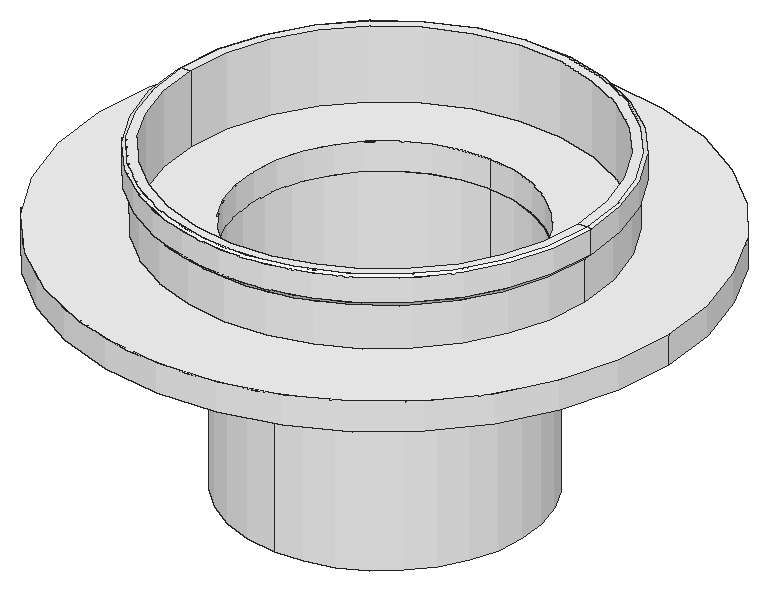
Revit family "R1850", category Pipe Accessories, Revit 2018
Family settings
  Round Connector Dimension = Use Diameter
  Part Type = Normal
  Work Plane-Based = No
  Always vertical = Yes
  Cut with Voids When Loaded = No
  Shared = No
Parameters (values of type "R1858_D-8"_VENT STACK FLASHING SLEEVE")
  URL = "WWW.MIFAB.COM"
  Total Height = 0' - 8 3/4"
  Top D = 0' - 11 5/8"
  Pipe Radius = Pipe Diameter / 2  # 0' - 4"
  Pipe Diameter = 0' - 8"
  Model = "R1858"
  Manufacturer = "MIFAB"
  K = 0' - 2 3/4"
  Floor Drain Material = Paint - Sherwin Williams Paint - #952C2A - Bellwood Red
  Description = "VENT STACK FLASHING SLEEVE"
  C = 1' - 4 1/2"
Types (10): name | Total Height | Top D | Pipe Radius | Pipe Diameter | Model | K | C
  (no name) | 0' - 8 3/4" | 0' - 11 5/8" | 0' - 4" | 0' - 8" | "R1858" | 0' - 2 3/4" | 1' - 4 1/2"
  R1851.5_D-1 1/2"_VENT STACK FLASHING SLEEVE | 0' - 8" | 0' - 2 5/8" | 0' - 0 3/4" | 0' - 1 1/2" | "R1851.5" | 0' - 3" | 0' - 6 1/2"
  R1852_D-2"_VENT STACK FLASHING SLEEVE | 0' - 8 1/8" | 0' - 3 1/8" | 0' - 1" | 0' - 2" | "R1852" | 0' - 3" | 0' - 6 1/2"
  R1853_D-3"_VENT STACK FLASHING SLEEVE | 0' - 8 1/8" | 0' - 4 1/4" | 0' - 1 1/2" | 0' - 3" | "R1853" | 0' - 3 1/8" | 0' - 8 1/2"
  R1854_D-4"_VENT STACK FLASHING SLEEVE | 0' - 8 1/2" | 0' - 5 1/4" | 0' - 2" | 0' - 4" | "R1854" | 0' - 3 1/8" | 0' - 8 1/2"
  R1855_D-5"_VENT STACK FLASHING SLEEVE | 0' - 8 1/2" | 0' - 6 1/2" | 0' - 2 1/2" | 0' - 5" | "R1855" | 0' - 2 1/2" | 0' - 9 1/2"
  R1856_D-6"_VENT STACK FLASHING SLEEVE | 0' - 8 1/8" | 0' - 7 1/2" | 0' - 3" | 0' - 6" | "R1856" | 0' - 3 1/8" | 0' - 10 1/2"
  R1858_D-8"_VENT STACK FLASHING SLEEVE | 0' - 8 3/4" | 0' - 11 5/8" | 0' - 4" | 0' - 8" | "R1858" | 0' - 2 3/4" | 1' - 4 1/2"
  R1850-10_D-10"_VENT STACK FLASHING SLEEVE | 0' - 8 3/4" | 0' - 11 5/8" | 0' - 5" | 0' - 10" | "R1850-10" | 0' - 2 3/4" | 1' - 4 1/2"
  R1850-12_D-12"_VENT STACK FLASHING SLEEVE | 0' - 8 3/4" | 1' - 1 5/8" | 0' - 6" | 1' - 0" | "R1850-12" | 0' - 2 3/4" | 1' - 6 1/2"
Reference planes (in)
  plane 1 "Center (Front/Back)": y = 0
  plane 2: z = 0
  plane 3 "Center (Left/Right)": x = 0
  plane 4: z = 8.07468
  plane 5: x = 4.875
  plane 6: y = -4
  plane 7: y = 4
  plane 8: z = 6
  plane 9: z = 6.78125
  plane 10: z = 8.75
  plane 11: x = 5.8125
  plane 12: x = -5.8125
Forms (in)
  Revolve 1, solid, material "Paint - Sherwin Williams Paint - #952C2A - Bellwood Red" <- "Floor Drain Material"
    sketch origin (0, 0.04396, 5.75) x (0, 1, 0) y (0, 0, 1)
      loop
        line (-4.04396, 0.25) -> (-4.04396, -5.75) -> (-3.85547, -5.75) -> (-3.85547, 0.25) -> (-4.04396, 0.25)
      axis (-0.04396, 0.25) -> (-0.04396, -5.75)
    angle from 0 to 360
  Extrusion 2, solid, material "Paint - Sherwin Williams Paint - #952C2A - Bellwood Red" <- "Floor Drain Material"
    sketch origin (0, 0, 8.75) x (1, 0, 0) y (0, 1, 0)
      loop
        circle (0, -0.01682) r 8.25
      loop
        circle (0, 0) r 3.81151
    from -2.75 to -1.96875
  Revolve 3, solid, material "Paint - Sherwin Williams Paint - #952C2A - Bellwood Red" <- "Floor Drain Material"
    sketch origin (0, 0, 8.75) x (1, 0, 0) y (0, 0, 1)
      loop
        line (5.8125, -0.84315) -> (5.96595, -0.68969) -> (5.96595, -0.04746) -> (5.875, 0) -> (5.62401, 0) -> (5.62401, -1.96875) -> (5.8125, -1.96875) -> (5.8125, -0.84315)
      axis (0, -1.96875) -> (0, 0)
    angle from 0 to 360
Dimensions and locks (in)
  Revolve 3 sketch curve to Revolve 3 sketch curve to Revolve 3 sketch curve = 0' - 0.64224" locked, 0' - 0.15345" locked
  locked: Revolve 3 sketch curve to Revolve 3 sketch curve at 0.18849
  locked: Revolve 3 sketch curve to Revolve 3 sketch curve at 0.34194
  Revolve 3 sketch curve to Revolve 3 sketch curve to Revolve 3 sketch curve = 0' - 0.25099" locked, 0' - 0.09095" locked
  equal spacing: plane 7, plane 1 "Center (Front/Back)", plane 6
  "Pipe Diameter": plane 7 to plane 6
  "Pipe Radius": plane 1 "Center (Front/Back)" to plane 6
  locked: plane 9 to plane 8 at 0.78125
  "K": plane 10 to plane 8
  "Total Height": plane 10 to plane 2
  equal spacing: plane 11, plane 3 "Center (Left/Right)", plane 12
  "Top D": plane 11 to plane 12
  "C": diameter of Extrusion 2 sketch curve
  aligned and locked: level to plane 2
  aligned and locked: Revolve 1 sketch curve to plane 6
  aligned and locked: Revolve 1 sketch curve to plane 8
  aligned and locked: plane 2 to Revolve 1 sketch curve
  aligned and locked: Extrusion 2 to plane 8
  aligned and locked: plane 9 to Extrusion 2
  aligned and locked: Revolve 3 sketch curve to plane 10
  aligned and locked: plane 9 to Revolve 3 sketch curve
  aligned and locked: plane 11 to Revolve 3 sketch curve
  aligned and locked: Extrusion 2 sketch curve to Revolve 1  (x2)
Automatic sketch dimensions
  Revolve 3 sketch curve to plane 3 "Center (Left/Right)" = 0' - 0"
  Revolve 3 sketch curve to Revolve 3 sketch curve = 0' - 0.04746"
  Revolve 3 sketch curve to Revolve 3 sketch curve = 0' - 4 1/32"
  Revolve 3 sketch curve to Revolve 3 sketch curve = 0' - 0 3/4"
  Revolve 1 sketch curve to plane 1 "Center (Front/Back)" = 0' - 0"
  Revolve 1 sketch curve to Revolve 1 sketch curve = 0' - 0.18849"
  level to Revolve 1 sketch curve = 0' - 0 7/8"
  plane 8 to Revolve 1 sketch curve = 0' - 0 7/8"
  Extrusion 2 sketch curve to plane 3 "Center (Left/Right)" = 0' - 0"
  plane 1 "Center (Front/Back)" to Extrusion 2 sketch curve = 0' - 0.01682"
Connectors (in)
  piping at (0, 0, 0), diameter 8, driven by "Pipe Diameter"
    settings: on Revolve 1, index 1, connector inside diameter 609.6 mm, connector length 0' - 0", flow factor 0, pipe flow 0.0 L/s, pressure drop 0.0 Pa, fitting loss kfactor 0, connector angle 0.00°, fixture units 0, engagement length 0' - 0", angle of deflection 0.00°, flow configuration 0, flow direction 2, fitting loss method 0, system type 16, joint type 0, gender type 0, connector reference index -1, connector utility 0, adjustable connector no, is connector primary yes, connector description ""
  piping at (0, 0, 8.75), diameter 11.625, driven by "Top D"
    settings: on Revolve 3, index 2, connector inside diameter 609.6 mm, connector length 0' - 0", flow factor 0, pipe flow 0.0 L/s, pressure drop 0.0 Pa, fitting loss kfactor 0, connector angle 0.00°, fixture units 0, engagement length 0' - 0", angle of deflection 0.00°, flow configuration 0, flow direction 0, fitting loss method 0, system type 7, joint type 0, gender type 0, connector reference index -1, connector utility 0, adjustable connector no, is connector primary no, connector description ""
